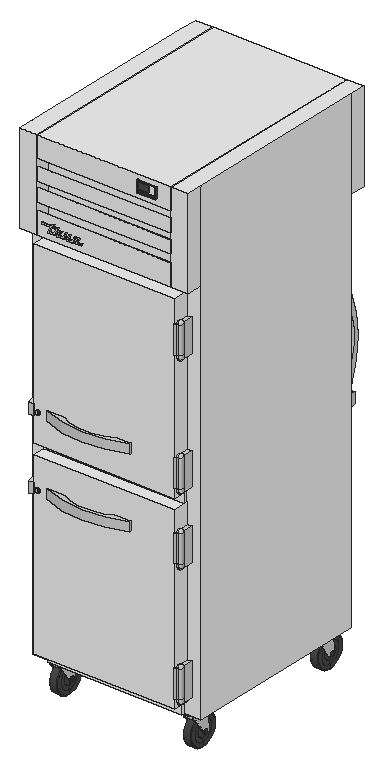
Revit family "QF_TRUE_STR1RPT-2HS-1G-HC", category Specialty Equipment, Revit 2012
Parameters
  Weight in Pounds = 0
  Watts = Volts * FL Amps  # 437 W
  Volts = 115 V
  URL Manufacturer = "www.truemfg.com"
  URL Cutsheet = "www.truemfg.com"
  URL = "www.truemfg.com"
  Type Comments = "www.truemfg.com"
  Status [instance] = ""
  Specification by User [instance] = ""
  Specification by Manufacturer = ""
  Show Seismic Flanged [instance] = no
  Show Logo [instance] = yes
  Show Legs [instance] = no
  Show Clearance [instance] = yes
  Serial Number = ""
  Seismic Rating = ""
  Seismic Plate [instance] = and(Show Seismic Flanged, not(Show Casters))  # no
  SMACNA No = ""
  Revision Code [instance] = ""
  Phase = 1
  Omniclass Number and Title = ""
  Number of Poles [instance] = 1
  NAFEM Spec ID Number = ""
  Model = "STR1RPT-2HS-1G-HC"
  Min Ckt Ampacity = 15 A
  Max Overcurrent Protection = 15 A
  Masterspec = ""
  Manufacturer = "TRUE FOOD SERVICE EQUIPMENT, INC."
  Length = 27 1/2"
  Legs [instance] = or(Show Legs, Show Seismic Flanged)  # no
  Item Number [instance] = ""
  Installed By [instance] = ""
  Identify Quantity as Lot [instance] = yes
  Height = 77 3/4"
  HP = "1/4"
  Furnished By [instance] = ""
  Foodservice Equipment Identifier [instance] = yes
  FL Amps = 3.8 A
  Electrical Remarks [instance] = ""
  Electric Connection Type [instance] = ""
  Elec Conn RI Height [instance] = 0"
  Elec Conn Connection Height [instance] = 0"
  Description = "PASS-THRU SOLID HALF FRONT/GLASS REAR SWING DOORS REFRIGERATOR WITH HYDROCARBON REFRIGERANT"
  Depth = 36 1/8"
  Cycle = 60 Hz
  Conn Plug = "5-15P"
  Conn Conduit = yes
  Show Casters [instance] = if(not(Show Legs), not(Show Seismic Flanged), not(Show Legs))  # yes
  CSI MasterFormat = ""
  CSI Master Format = ""
  Apparent Power = if(Phase = 3, Volts * FL Amps * 1.73, Volts * FL Amps)  # 437 VA
Reference planes (in)
  plane 1: z = 0
  plane 2 "LEFT": x = 0
  plane 3 "RIGHT": x = 27.5
  plane 4 "FRONT": y = -33.375
  plane 5 "TOP": z = 84.125
  plane 6: z = 6.125
  plane 7: y = -33.3292
  plane 8: y = 2.75
  plane 9: y = -56.40625
  plane 10: y = 25.78125
Forms (in)
  Extrusion 1, solid, material "QF_Finishes_Chrome - Satin"
    sketch origin (0.05, 0, 0) x (1, 0, 0) y (0, 1, 0)
      loop
        line (-0.05, 0) -> (-0.05, -30.625) -> (2.80938, -30.625) -> (2.80938, 0) -> (-0.05, 0)
    from 6.125 to 84.125
  Extrusion 2, solid, material "QF_Finishes_Chrome - Satin"
    sketch origin (50.15, 0, 0) x (1, 0, 0) y (0, 1, 0)
      loop
        line (-25.50937, 0) -> (-25.50937, -30.625) -> (-22.65, -30.625) -> (-22.65, 0) -> (-25.50937, 0)
    from 6.125 to 84.125
  Extrusion 3, solid, material "QF_Finishes_Chrome - Satin"
    sketch origin (0, 0, 0) x (0, 1, 0) y (0, 0, 1)
      loop
        line (-33.1875, 69.5) -> (-30.625, 69.5) -> (-30.625, 64.75) -> (0, 64.75) -> (0, 69.5) -> (2.5625, 69.5) -> (2.5625, 73.02638) -> (0.59159, 71.625) -> (0.59159, 72.90057) -> (2.5625, 74.30195) -> (2.5625, 76.39816) -> (0.59159, 74.99678) -> (0.59159, 75.95754) -> (2.5625, 77.35892) -> (2.5625, 79.49263) -> (0.59159, 78.09125) -> (0.59159, 79.21352) -> (2.5625, 80.6149) -> (2.5625, 84.125) -> (-33.1875, 84.125) -> (-33.1875, 80.68002) -> (-31.125, 79.21352) -> (-31.125, 78.09125) -> (-33.1875, 79.55776) -> (-33.1875, 77.42405) -> (-31.125, 75.95754) -> (-31.125, 74.99678) -> (-33.1875, 76.46328) -> (-33.1875, 74.36708) -> (-31.125, 72.90057) -> (-31.125, 71.625) -> (-33.1875, 73.09151) -> (-33.1875, 69.5)
      loop
        line (-31, 6.125) -> (0, 6.125) -> (0, 8.94743) -> (-31, 8.94743) -> (-31, 6.125)
    from 2.85938 to 24.64063
  Extrusion 4, solid, material "QF_Finishes_Chrome - Satin"
    sketch origin (0.10531, 0, 0) x (1, 0, 0) y (0, 1, 0)
      loop
        line (27.34782, -30.625) -> (24.53532, -30.625) -> (24.53532, -33.1875) -> (27.34782, -33.1875) -> (27.34782, -30.625)
    from 69.5 to 84.125
  Extrusion 5, solid, material "QF_Finishes_Chrome - Satin"
    sketch origin (-50.19421, 0, 0.25) x (1, 0, 0) y (0, 1, 0)
      loop
        line (53.05359, -30.625) -> (50.24109, -30.625) -> (50.24109, -33.1875) -> (53.05359, -33.1875) -> (53.05359, -30.625)
    from 69.25 to 83.875
  Extrusion 6, solid, material "QF_Finishes_Handrails and Railings", visible <- "Show Logo"
    sketch origin (0.33478, 1.45673, -6.73143) x (1, 0, 0) y (0, 0, 1)
      loop
        line (3.46044, 78.46231) -> (3.35478, 78.23573) -> (4.76027, 78.23573)
        arc (4.76027, 78.23573) -> (4.78879, 78.18528) -> (4.76027, 78.13484) r 0.05887
        line (4.76027, 78.13484) -> (4.39369, 77.34872)
        arc (4.39369, 77.34872) -> (4.39051, 77.27591) -> (4.43975, 77.22217) r 0.09523
        line (4.43975, 77.22217) -> (5.33844, 77.22217)
        arc (5.33844, 77.22217) -> (5.45192, 77.25795) -> (5.52436, 77.35235) r 0.19785
        line (5.52436, 77.35235) -> (5.81285, 77.97101) -> (6.0779, 77.97101)
        arc (6.0779, 77.97101) -> (6.14744, 77.94543) -> (6.13737, 77.87203) r 0.05911
        line (6.13737, 77.87203) -> (5.89598, 77.35437)
        arc (5.89598, 77.35437) -> (5.89974, 77.2684) -> (5.97231, 77.22217) r 0.09318
        line (5.97231, 77.22217) -> (6.76198, 77.22217)
        arc (6.76198, 77.22217) -> (6.82249, 77.24419) -> (6.85468, 77.29995) r 0.09412
        arc (6.85468, 77.29995) -> (6.87746, 77.24495) -> (6.93246, 77.22217) r 0.07778
        line (6.93246, 77.22217) -> (7.43246, 77.22217)
        arc (7.43246, 77.22217) -> (7.49022, 77.23765) -> (7.53251, 77.27993) r 0.11552
        arc (7.53251, 77.27993) -> (7.55275, 77.23106) -> (7.60162, 77.21081) r 0.06912
        line (7.60162, 77.21081) -> (8.31225, 77.21081)
        arc (8.31225, 77.21081) -> (8.37034, 77.23488) -> (8.39441, 77.29297) r 0.08216
        arc (8.39441, 77.29297) -> (8.44767, 77.23972) -> (8.52042, 77.22022) r 0.14551
        line (8.52042, 77.22022) -> (9.85158, 77.22022) -> (9.99946, 77.47634) -> (8.65678, 77.47634)
        arc (8.65678, 77.47634) -> (8.61972, 77.50204) -> (8.61834, 77.54711) r 0.05009
        line (8.61834, 77.54711) -> (8.64157, 77.59692)
        arc (8.64157, 77.59692) -> (8.67723, 77.64364) -> (8.73327, 77.66135) r 0.09747
        line (8.73327, 77.66135) -> (9.16485, 77.66135)
        arc (9.16485, 77.66135) -> (9.258, 77.68631) -> (9.32619, 77.7545) r 0.1863
        line (9.32619, 77.7545) -> (9.45119, 77.97101)
        arc (9.45119, 77.97101) -> (9.45119, 78.08657) -> (9.35111, 78.14434) r 0.11556
        line (9.35111, 78.14434) -> (8.89562, 78.14434)
        arc (8.89562, 78.14434) -> (8.7795, 78.12462) -> (8.69849, 78.03912) r 0.18605
        line (8.69849, 78.03912) -> (8.48204, 77.57493)
        arc (8.48204, 77.57493) -> (8.41815, 77.49167) -> (8.31806, 77.46011) r 0.1745
        line (8.31806, 77.46011) -> (7.84559, 77.46011)
        arc (7.84559, 77.46011) -> (7.78903, 77.52184) -> (7.79268, 77.60548) r 0.10939
        line (7.79268, 77.60548) -> (8.04395, 78.14434) -> (7.88403, 78.14434) -> (7.61781, 77.57344)
        arc (7.61781, 77.57344) -> (7.56609, 77.50603) -> (7.48505, 77.48048) r 0.14128
        line (7.48505, 77.48048) -> (7.15925, 77.48048)
        arc (7.15925, 77.48048) -> (7.10419, 77.55223) -> (7.116, 77.64189) r 0.11816
        line (7.116, 77.64189) -> (7.3503, 78.14434) -> (7.18514, 78.14434) -> (6.91546, 77.566)
        arc (6.91546, 77.566) -> (6.85285, 77.50339) -> (6.76733, 77.48048) r 0.17104
        line (6.76733, 77.48048) -> (6.29555, 77.48048)
        arc (6.29555, 77.48048) -> (6.21082, 77.51999) -> (6.20267, 77.61313) r 0.0935
        line (6.20267, 77.61313) -> (6.35774, 77.94569) -> (6.57695, 77.94569)
        arc (6.57695, 77.94569) -> (6.61395, 78.05717) -> (6.69267, 78.14434) r 0.2857
        line (6.69267, 78.14434) -> (5.83605, 78.14434)
        arc (5.83605, 78.14434) -> (5.74086, 78.12324) -> (5.67498, 78.05135) r 0.16212
        line (5.67498, 78.05135) -> (5.44279, 77.55341)
        arc (5.44279, 77.55341) -> (5.3894, 77.50002) -> (5.31647, 77.48048) r 0.14586
        line (5.31647, 77.48048) -> (4.80506, 77.48048)
        arc (4.80506, 77.48048) -> (4.76514, 77.53442) -> (4.77274, 77.60109) r 0.09155
        line (4.77274, 77.60109) -> (5.11018, 78.23573) -> (5.96155, 78.23573) -> (6.06721, 78.46231) -> (5.21584, 78.46231) -> (5.32149, 78.68888) -> (5.01862, 78.68888) -> (4.91297, 78.46231) -> (3.46044, 78.46231)
      loop
        arc (8.83805, 77.93863) -> (8.80119, 77.92875) -> (8.7742, 77.90176) r 0.07373
        line (8.7742, 77.90176) -> (8.75229, 77.83436)
        arc (8.75229, 77.83436) -> (8.76245, 77.80983) -> (8.78699, 77.79966) r 0.0347
        line (8.78699, 77.79966) -> (9.15948, 77.79966)
        arc (9.15948, 77.79966) -> (9.18632, 77.80561) -> (9.20812, 77.82234) r 0.0635
        line (9.20812, 77.82234) -> (9.22624, 77.90622)
        arc (9.22624, 77.90622) -> (9.22091, 77.92868) -> (9.20009, 77.93863) r 0.02676
        line (9.20009, 77.93863) -> (8.83805, 77.93863)
    from 34.64423 to 34.83173
  Extrusion 7, solid
    sketch origin (-25.125, 2.6875, 0) x (1, 0, 0) y (0, 0, 1)
      loop
        circle (49.375, 82) r 0.25
    from 0.23221 to 0.125
  Revolve 8, solid, material "QF_Finishes_Black", visible <- "Show Casters"
    sketch origin (22.65625, -27.375, 0) x (1, 0, 0) y (0, 0, 1)
      loop
        line (1.475, 5) -> (1.375, 4.9) -> (1.375, 4.29941) -> (1.53601, 4.29941) -> (1.53601, 3.54941) -> (1.375, 3.54941) -> (1.375, 2.79941) -> (0.975, 2.79941) -> (0.975, 2.5) -> (3.025, 2.5) -> (3.025, 2.79941) -> (2.62908, 2.79941) -> (2.62908, 3.54941) -> (2.46399, 3.54941) -> (2.46399, 4.29941) -> (2.62908, 4.29941) -> (2.62908, 4.89592) -> (2.525, 5) -> (1.475, 5)
      axis (3.025, 2.5) -> (0.975, 2.5)
    angle from 0 to 360
  Extrusion 9, solid, material "QF_Finishes_Handrails and Railings", visible <- "Show Casters"
    sketch origin (22.65625, 0, 0) x (0, 1, 0) y (0, 0, 1)
      loop
        line (-29.57636, 5.48574) -> (-29.57636, 4.88089) -> (-29.32636, 4.88089) -> (-27.57716, 2.18736)
        arc (-27.57716, 2.18736) -> (-26.86383, 1.94868) -> (-26.47081, 2.59003) r 0.60416
        line (-26.47081, 2.59003) -> (-26.82636, 5.48574) -> (-29.57636, 5.48574)
      loop
        line (-4.07645, 5.48574) -> (-4.07645, 4.88089) -> (-3.82645, 4.88089) -> (-2.07725, 2.18736)
        arc (-2.07725, 2.18736) -> (-1.36392, 1.94868) -> (-0.9709, 2.59003) r 0.60416
        line (-0.9709, 2.59003) -> (-1.32645, 5.48574) -> (-4.07645, 5.48574)
    from 1.175 to 1.325
  Extrusion 10, solid, material "QF_Finishes_Handrails and Railings", visible <- "Show Casters"
    sketch origin (24.15625, 0, 0) x (0, 1, 0) y (0, 0, 1)
      loop
        line (-29.57636, 5.48574) -> (-29.57636, 4.88089) -> (-29.32636, 4.88089) -> (-27.57716, 2.18736)
        arc (-27.57716, 2.18736) -> (-26.86383, 1.94868) -> (-26.47081, 2.59003) r 0.60416
        line (-26.47081, 2.59003) -> (-26.82636, 5.48574) -> (-29.57636, 5.48574)
      loop
        line (-4.07645, 5.48574) -> (-4.07645, 4.88089) -> (-3.82645, 4.88089) -> (-2.07725, 2.18736)
        arc (-2.07725, 2.18736) -> (-1.36392, 1.94868) -> (-0.9709, 2.59003) r 0.60416
        line (-0.9709, 2.59003) -> (-1.32645, 5.48574) -> (-4.07645, 5.48574)
    from 1.175 to 1.325
  Revolve 11, solid, material "QF_Finishes_Chrome - Satin", visible <- "Show Casters"
    sketch origin (22.65625, -28.5625, -0.5) x (1, 0, 0) y (0, 0, 1)
      loop
        line (2, 5.99546) -> (2, 6.62359) -> (0.70293, 6.62359) -> (0.70293, 5.99546) -> (2, 5.99546)
      axis (2, 5.99546) -> (2, 6.62359)
    angle from 0 to 360
  Revolve 12, solid, material "QF_Finishes_Chrome - Satin", visible <- "Legs"
    sketch origin (22.65625, -2.69102, 0) x (1, 0, 0) y (0, 0, 1)
      loop
        line (2, 6.125) -> (0.66662, 6.125) -> (1.25, 1) -> (1.5, 1) -> (1.5, 0) -> (2, 0) -> (2, 6.125)
      axis (2, 0) -> (2, 6.125)
    angle from 0 to 360
  Revolve 13, solid, material "QF_Finishes_Chrome - Satin", visible <- "Legs"
    sketch origin (22.65625, -28.65977, 0) x (1, 0, 0) y (0, 0, 1)
      loop
        line (2, 6.125) -> (0.66662, 6.125) -> (1.25, 1) -> (1.5, 1) -> (1.5, 0) -> (2, 0) -> (2, 6.125)
      axis (2, 0) -> (2, 6.125)
    angle from 0 to 360
  Revolve 14, solid, material "QF_Finishes_Chrome - Satin", visible <- "Show Casters"
    sketch origin (22.65625, -2.70321, -0.5) x (1, 0, 0) y (0, 0, 1)
      loop
        line (2, 5.99546) -> (2, 6.62359) -> (0.70293, 6.62359) -> (0.70293, 5.99546) -> (2, 5.99546)
      axis (2, 5.99546) -> (2, 6.62359)
    angle from 0 to 360
  Extrusion 15, solid, material "QF_Finishes_Handrails and Railings", visible <- "Show Casters"
    sketch origin (-25.125, 0, 0) x (0, 1, 0) y (0, 0, 1)
      loop
        line (-29.57636, 5.48574) -> (-29.57636, 4.88089) -> (-29.32636, 4.88089) -> (-26.79033, 5.19227) -> (-26.82636, 5.48574) -> (-29.57636, 5.48574)
      loop
        line (-4.07645, 5.48574) -> (-4.07645, 4.88089) -> (-3.82645, 4.88089) -> (-1.29042, 5.19227) -> (-1.32645, 5.48574) -> (-4.07645, 5.48574)
    from 49.10625 to 50.45625
  Revolve 16, solid, material "QF_Finishes_Black", visible <- "Show Casters"
    sketch origin (0.84375, -27.375, 0) x (1, 0, 0) y (0, 0, 1)
      loop
        line (1.475, 5) -> (1.375, 4.9) -> (1.375, 4.29941) -> (1.53601, 4.29941) -> (1.53601, 3.54941) -> (1.375, 3.54941) -> (1.375, 2.79941) -> (0.975, 2.79941) -> (0.975, 2.5) -> (3.025, 2.5) -> (3.025, 2.79941) -> (2.62908, 2.79941) -> (2.62908, 3.54941) -> (2.46399, 3.54941) -> (2.46399, 4.29941) -> (2.62908, 4.29941) -> (2.62908, 4.89592) -> (2.525, 5) -> (1.475, 5)
      axis (3.025, 2.5) -> (0.975, 2.5)
    angle from 0 to 360
  Extrusion 17, solid, material "QF_Finishes_Handrails and Railings", visible <- "Show Casters"
    sketch origin (0.84375, 0, 0) x (0, 1, 0) y (0, 0, 1)
      loop
        line (-29.57636, 5.48574) -> (-29.57636, 4.88089) -> (-29.32636, 4.88089) -> (-27.57716, 2.18736)
        arc (-27.57716, 2.18736) -> (-26.86383, 1.94868) -> (-26.47081, 2.59003) r 0.60416
        line (-26.47081, 2.59003) -> (-26.82636, 5.48574) -> (-29.57636, 5.48574)
      loop
        line (-4.07645, 5.48574) -> (-4.07645, 4.88089) -> (-3.82645, 4.88089) -> (-2.07725, 2.18736)
        arc (-2.07725, 2.18736) -> (-1.36392, 1.94868) -> (-0.9709, 2.59003) r 0.60416
        line (-0.9709, 2.59003) -> (-1.32645, 5.48574) -> (-4.07645, 5.48574)
    from 1.175 to 1.325
  Extrusion 18, solid, material "QF_Finishes_Handrails and Railings", visible <- "Show Casters"
    sketch origin (2.34375, 0, 0) x (0, 1, 0) y (0, 0, 1)
      loop
        line (-29.57636, 5.48574) -> (-29.57636, 4.88089) -> (-29.32636, 4.88089) -> (-27.57716, 2.18736)
        arc (-27.57716, 2.18736) -> (-26.86383, 1.94868) -> (-26.47081, 2.59003) r 0.60416
        line (-26.47081, 2.59003) -> (-26.82636, 5.48574) -> (-29.57636, 5.48574)
      loop
        line (-4.07645, 5.48574) -> (-4.07645, 4.88089) -> (-3.82645, 4.88089) -> (-2.07725, 2.18736)
        arc (-2.07725, 2.18736) -> (-1.36392, 1.94868) -> (-0.9709, 2.59003) r 0.60416
        line (-0.9709, 2.59003) -> (-1.32645, 5.48574) -> (-4.07645, 5.48574)
    from 1.175 to 1.325
  Revolve 19, solid, material "QF_Finishes_Chrome - Satin", visible <- "Show Casters"
    sketch origin (0.84375, -28.5625, -0.5) x (1, 0, 0) y (0, 0, 1)
      loop
        line (2, 5.99546) -> (2, 6.62359) -> (0.70293, 6.62359) -> (0.70293, 5.99546) -> (2, 5.99546)
      axis (2, 5.99546) -> (2, 6.62359)
    angle from 0 to 360
  Revolve 20, solid, material "QF_Finishes_Chrome - Satin", visible <- "Legs"
    sketch origin (0.84375, -2.69102, 0) x (1, 0, 0) y (0, 0, 1)
      loop
        line (2, 6.125) -> (0.66662, 6.125) -> (1.25, 1) -> (1.5, 1) -> (1.5, 0) -> (2, 0) -> (2, 6.125)
      axis (2, 0) -> (2, 6.125)
    angle from 0 to 360
  Revolve 21, solid, material "QF_Finishes_Chrome - Satin", visible <- "Legs"
    sketch origin (0.84375, -28.65977, 0) x (1, 0, 0) y (0, 0, 1)
      loop
        line (2, 6.125) -> (0.66662, 6.125) -> (1.25, 1) -> (1.5, 1) -> (1.5, 0) -> (2, 0) -> (2, 6.125)
      axis (2, 0) -> (2, 6.125)
    angle from 0 to 360
  Revolve 22, solid, material "QF_Finishes_Chrome - Satin", visible <- "Show Casters"
    sketch origin (0.84375, -2.70321, -0.5) x (1, 0, 0) y (0, 0, 1)
      loop
        line (2, 5.99546) -> (2, 6.62359) -> (0.70293, 6.62359) -> (0.70293, 5.99546) -> (2, 5.99546)
      axis (2, 5.99546) -> (2, 6.62359)
    angle from 0 to 360
  Extrusion 23, solid, material "QF_Finishes_Handrails and Railings", visible <- "Show Casters"
    sketch origin (-46.9375, 0, 0) x (0, 1, 0) y (0, 0, 1)
      loop
        line (-29.57636, 5.48574) -> (-29.57636, 4.88089) -> (-29.32636, 4.88089) -> (-26.79033, 5.19227) -> (-26.82636, 5.48574) -> (-29.57636, 5.48574)
      loop
        line (-4.07645, 5.48574) -> (-4.07645, 4.88089) -> (-3.82645, 4.88089) -> (-1.29042, 5.19227) -> (-1.32645, 5.48574) -> (-4.07645, 5.48574)
    from 49.10625 to 50.45625
  Extrusion 24, solid, material "QF_Finishes_Chrome - Satin"
    sketch origin (-25.125, -31.3292, -0.71875) x (1, 0, 0) y (0, 0, -1)
      loop
        line (27.40625, -68.6875) -> (50.34375, -68.6875) -> (50.34375, -8.75) -> (27.40625, -8.75) -> (27.40625, -68.6875)
      loop
        line (30.75, -12.09375) -> (30.75, -65.34375) -> (47, -65.34375) -> (47, -12.09375) -> (30.75, -12.09375)
    from 31.3292 to 33.8917
  Extrusion 25, solid, material "Glass"
    sketch origin (-25.125, -31.3292, -0.71875) x (1, 0, 0) y (0, 0, -1)
      loop
        line (47, -12.09375) -> (30.75, -12.09375) -> (30.75, -65.34375) -> (47, -65.34375) -> (47, -12.09375)
    from 31.3292 to 33.8917
  Extrusion 26, solid, material "QF_Finishes_Chrome - Satin"
    sketch origin (0.10531, -31.3292, 0) x (1, 0, 0) y (0, 1, 0)
      loop
        line (27.34782, 31.3292) -> (27.34782, 33.8917) -> (24.53532, 33.8917) -> (24.53532, 31.3292) -> (27.34782, 31.3292)
    from 69.5 to 84.125
  Extrusion 27, solid, material "QF_Finishes_Chrome - Satin"
    sketch origin (-50.19421, -31.3292, 0.25) x (1, 0, 0) y (0, 1, 0)
      loop
        line (53.05359, 31.3292) -> (53.05359, 33.8917) -> (50.24109, 33.8917) -> (50.24109, 31.3292) -> (53.05359, 31.3292)
    from 69.25 to 83.875
  Extrusion 28, solid, material "QF_Finishes_Handrails and Railings"
    sketch origin (1.28125, -31.48479, 0) x (0, -1, 0) y (0, 0, -1)
      loop
        line (-31.48479, -64.55229) -> (-31.48479, -59.23627) -> (-33.625, -59.23627) -> (-33.625, -59.94848) -> (-33.18997, -59.94848) -> (-33.18997, -64.34776)
        arc (-33.18997, -64.34776) -> (-33.13006, -64.49238) -> (-32.98544, -64.55229) r 0.20453
        line (-32.98544, -64.55229) -> (-31.48479, -64.55229)
    from 0.17506 to 1
  Revolve 29, solid, material "QF_Finishes_Handrails and Railings"
    sketch origin (1.78125, -31.48479, 0) x (0, -1, 0) y (0, 0, -1)
      loop
        line (-33.64063, -60.00189) -> (-34.04729, -60.00189) -> (-34.04729, -64.4736)
        arc (-34.04729, -64.4736) -> (-33.91222, -64.72557) -> (-33.64063, -64.81483) r 0.3848
        line (-33.64063, -64.81483) -> (-33.64063, -60.00189)
      loop
        line (-33.64063, -59.94848) -> (-33.64063, -59.04781)
        arc (-33.64063, -59.04781) -> (-33.90764, -59.13383) -> (-34.04729, -59.37712) r 0.38884
        line (-34.04729, -59.37712) -> (-34.04729, -59.94848) -> (-33.64063, -59.94848)
      axis (-33.64063, -59.04781) -> (-33.64063, -64.81483)
    angle from 0 to 360
  Extrusion 30, solid, material "QF_Finishes_Handrails and Railings"
    sketch origin (-0.03125, -31.48479, 0) x (1, 0, 0) y (0, 0, -1)
      loop
        line (1.91491, -64.4736) -> (2.3125, -64.4736) -> (2.3125, -60.00079) -> (1.91491, -60.00079) -> (1.91491, -64.4736)
    from 33.18997 to 33.98479
  Extrusion 31, solid, material "QF_Finishes_Handrails and Railings"
    sketch origin (1.28125, -31.48479, -19.5) x (0, -1, 0) y (0, 0, -1)
      loop
        line (-31.48479, -64.55229) -> (-31.48479, -59.23627) -> (-33.625, -59.23627) -> (-33.625, -59.94848) -> (-33.18997, -59.94848) -> (-33.18997, -64.34776)
        arc (-33.18997, -64.34776) -> (-33.13006, -64.49238) -> (-32.98544, -64.55229) r 0.20453
        line (-32.98544, -64.55229) -> (-31.48479, -64.55229)
    from 0.17506 to 1
  Revolve 32, solid, material "QF_Finishes_Handrails and Railings"
    sketch origin (1.78125, -31.48479, -19.5) x (0, -1, 0) y (0, 0, -1)
      loop
        line (-33.64063, -60.00189) -> (-34.04729, -60.00189) -> (-34.04729, -64.4736)
        arc (-34.04729, -64.4736) -> (-33.91222, -64.72557) -> (-33.64063, -64.81483) r 0.3848
        line (-33.64063, -64.81483) -> (-33.64063, -60.00189)
      loop
        line (-33.64063, -59.94848) -> (-33.64063, -59.04781)
        arc (-33.64063, -59.04781) -> (-33.90764, -59.13383) -> (-34.04729, -59.37712) r 0.38884
        line (-34.04729, -59.37712) -> (-34.04729, -59.94848) -> (-33.64063, -59.94848)
      axis (-33.64063, -59.04781) -> (-33.64063, -64.81483)
    angle from 0 to 360
  Extrusion 33, solid, material "QF_Finishes_Handrails and Railings"
    sketch origin (-0.03125, -31.48479, -19.5) x (1, 0, 0) y (0, 0, -1)
      loop
        line (1.91491, -64.4736) -> (2.3125, -64.4736) -> (2.3125, -60.00079) -> (1.91491, -60.00079) -> (1.91491, -64.4736)
    from 33.18997 to 33.98479
  Extrusion 34, solid, material "QF_Finishes_Handrails and Railings"
    sketch origin (1.28125, -31.48479, -30.5) x (0, -1, 0) y (0, 0, -1)
      loop
        line (-31.48479, -64.55229) -> (-31.48479, -59.23627) -> (-33.625, -59.23627) -> (-33.625, -59.94848) -> (-33.18997, -59.94848) -> (-33.18997, -64.34776)
        arc (-33.18997, -64.34776) -> (-33.13006, -64.49238) -> (-32.98544, -64.55229) r 0.20453
        line (-32.98544, -64.55229) -> (-31.48479, -64.55229)
    from 0.17506 to 1
  Revolve 35, solid, material "QF_Finishes_Handrails and Railings"
    sketch origin (1.78125, -31.48479, -30.5) x (0, -1, 0) y (0, 0, -1)
      loop
        line (-33.64063, -60.00189) -> (-34.04729, -60.00189) -> (-34.04729, -64.4736)
        arc (-34.04729, -64.4736) -> (-33.91222, -64.72557) -> (-33.64063, -64.81483) r 0.3848
        line (-33.64063, -64.81483) -> (-33.64063, -60.00189)
      loop
        line (-33.64063, -59.94848) -> (-33.64063, -59.04781)
        arc (-33.64063, -59.04781) -> (-33.90764, -59.13383) -> (-34.04729, -59.37712) r 0.38884
        line (-34.04729, -59.37712) -> (-34.04729, -59.94848) -> (-33.64063, -59.94848)
      axis (-33.64063, -59.04781) -> (-33.64063, -64.81483)
    angle from 0 to 360
  Extrusion 36, solid, material "QF_Finishes_Handrails and Railings"
    sketch origin (-0.03125, -31.48479, -30.5) x (1, 0, 0) y (0, 0, -1)
      loop
        line (1.91491, -64.4736) -> (2.3125, -64.4736) -> (2.3125, -60.00079) -> (1.91491, -60.00079) -> (1.91491, -64.4736)
    from 33.18997 to 33.98479
  Extrusion 37, solid, material "QF_Finishes_Handrails and Railings"
    sketch origin (1.28125, -31.48479, -50.25) x (0, -1, 0) y (0, 0, -1)
      loop
        line (-31.48479, -64.55229) -> (-31.48479, -59.19743) -> (-33.625, -59.19743) -> (-33.625, -59.94848) -> (-33.18997, -59.94848) -> (-33.18997, -64.34776)
        arc (-33.18997, -64.34776) -> (-33.13006, -64.49238) -> (-32.98544, -64.55229) r 0.20453
        line (-32.98544, -64.55229) -> (-31.48479, -64.55229)
    from 0.17506 to 1
  Revolve 38, solid, material "QF_Finishes_Handrails and Railings"
    sketch origin (1.78125, -31.48479, -50.25) x (0, -1, 0) y (0, 0, -1)
      loop
        line (-33.64063, -60.00189) -> (-34.04729, -60.00189) -> (-34.04729, -64.4736)
        arc (-34.04729, -64.4736) -> (-33.91222, -64.72557) -> (-33.64063, -64.81483) r 0.3848
        line (-33.64063, -64.81483) -> (-33.64063, -60.00189)
      loop
        line (-33.64063, -59.94848) -> (-33.64063, -59.04781)
        arc (-33.64063, -59.04781) -> (-33.90764, -59.13383) -> (-34.04729, -59.37712) r 0.38884
        line (-34.04729, -59.37712) -> (-34.04729, -59.94848) -> (-33.64063, -59.94848)
      axis (-33.64063, -59.04781) -> (-33.64063, -64.81483)
    angle from 0 to 360
  Extrusion 39, solid, material "QF_Finishes_Handrails and Railings"
    sketch origin (-0.03125, -31.48479, -50.25) x (1, 0, 0) y (0, 0, -1)
      loop
        line (1.91491, -64.4736) -> (2.3125, -64.4736) -> (2.3125, -60.00079) -> (1.91491, -60.00079) -> (1.91491, -64.4736)
    from 33.18997 to 33.98479
  Extrusion 40, solid, material "QF_Finishes_Handrails and Railings"
    sketch origin (36.03356, -31.30033, 93.525) x (0, -1, 0) y (0, 0, 1)
      loop
        line (-33.86283, -54.15) -> (-33.86283, -51.7715)
        arc (-33.86283, -51.7715) -> (-35.06679, -47.2125) -> (-33.86283, -42.6535) r 9.2337
        line (-33.86283, -42.6535) -> (-33.86283, -40.275) -> (-34.075, -40.275)
        arc (-34.075, -40.275) -> (-35.51908, -47.2125) -> (-34.075, -54.15) r 17.38623
        line (-34.075, -54.15) -> (-33.86283, -54.15)
    from 10.87731 to 12.37731
  Extrusion 41, solid, material "QF_Finishes_Handrails and Railings"
    sketch origin (50.84375, -31.48479, -2.0625) x (-1, 0, 0) y (0, 0, 1)
      loop
        circle (26.4375, 40.0625) r 0.35
      loop
        line (26.47265, 40.33635) -> (26.41715, 40.33635) -> (26.41715, 39.76895) -> (26.47265, 39.76895) -> (26.47265, 40.33635)
    from 34.04729 to 34.10979
  Blend 42, solid, material "QF_Finishes_Handrails and Railings"
    base sketch origin (-0.03125, -31.48479, -0.0625) x (1, 0, 0) y (0, 0, -1)
      loop
        line (25.25, -38.99169) -> (26, -38.99169) -> (26, -37.24169) -> (25.25, -37.24169) -> (25.25, -38.99169)
    top sketch origin (-0.03125, -31.48479, -0.0625) x (1, 0, 0) y (0, 0, -1)
      loop
        line (26.18223, -36.6441) -> (25.25, -36.6441) -> (25.25, -39.42643) -> (26.18223, -39.42643) -> (26.18223, -36.6441)
    from 34.04729 to 31.48479
  Extrusion 43, solid, material "QF_Finishes_Chrome - Satin"
    sketch origin (-25.125, 0.375, -0.8125) x (1, 0, 0) y (0, 0, 1)
      loop
        line (27.40625, 68.78125) -> (27.40625, 39.65625) -> (50.34375, 39.65625) -> (50.34375, 68.78125) -> (27.40625, 68.78125)
      loop
        line (27.40625, 8.84375) -> (50.34375, 8.84375) -> (50.34375, 37.96875) -> (27.40625, 37.96875) -> (27.40625, 8.84375)
    from 31 to 33.5625
  Extrusion 44, solid, material "QF_Finishes_Handrails and Railings"
    sketch origin (26.21875, 0.10979, -0.09375) x (0, 1, 0) y (0, 0, -1)
      loop
        line (-30.73479, -64.55229) -> (-30.73479, -59.23627) -> (-32.875, -59.23627) -> (-32.875, -59.94848) -> (-32.43997, -59.94848) -> (-32.43997, -64.34776)
        arc (-32.43997, -64.34776) -> (-32.38006, -64.49238) -> (-32.23544, -64.55229) r 0.20453
        line (-32.23544, -64.55229) -> (-30.73479, -64.55229)
    from 0.17506 to 1
  Revolve 45, solid, material "QF_Finishes_Handrails and Railings"
    sketch origin (25.71875, 0.29729, -0.09375) x (0, 1, 0) y (0, 0, -1)
      loop
        line (-32.89063, -60.00189) -> (-33.29729, -60.00189) -> (-33.29729, -64.4736)
        arc (-33.29729, -64.4736) -> (-33.16222, -64.72557) -> (-32.89063, -64.81483) r 0.3848
        line (-32.89063, -64.81483) -> (-32.89063, -60.00189)
      loop
        line (-32.89063, -59.94848) -> (-32.89063, -59.04781)
        arc (-32.89063, -59.04781) -> (-33.15764, -59.13383) -> (-33.29729, -59.37712) r 0.38884
        line (-33.29729, -59.37712) -> (-33.29729, -59.94848) -> (-32.89063, -59.94848)
      axis (-32.89063, -59.04781) -> (-32.89063, -64.81483)
    angle from 0 to 360
  Extrusion 46, solid, material "QF_Finishes_Handrails and Railings"
    sketch origin (27.53125, 0.29729, -0.09375) x (-1, 0, 0) y (0, 0, -1)
      loop
        line (1.91491, -64.4736) -> (2.3125, -64.4736) -> (2.3125, -60.00079) -> (1.91491, -60.00079) -> (1.91491, -64.4736)
    from 32.81497 to 33.59495
  Extrusion 47, solid, material "QF_Finishes_Handrails and Railings"
    sketch origin (26.21875, 0.10979, -19.59375) x (0, 1, 0) y (0, 0, -1)
      loop
        line (-30.73479, -64.55229) -> (-30.73479, -59.23627) -> (-32.875, -59.23627) -> (-32.875, -59.94848) -> (-32.43997, -59.94848) -> (-32.43997, -64.34776)
        arc (-32.43997, -64.34776) -> (-32.38006, -64.49238) -> (-32.23544, -64.55229) r 0.20453
        line (-32.23544, -64.55229) -> (-30.73479, -64.55229)
    from 0.17506 to 1
  Revolve 48, solid, material "QF_Finishes_Handrails and Railings"
    sketch origin (25.71875, 0.29729, -19.59375) x (0, 1, 0) y (0, 0, -1)
      loop
        line (-32.89063, -60.00189) -> (-33.29729, -60.00189) -> (-33.29729, -64.4736)
        arc (-33.29729, -64.4736) -> (-33.16222, -64.72557) -> (-32.89063, -64.81483) r 0.3848
        line (-32.89063, -64.81483) -> (-32.89063, -60.00189)
      loop
        line (-32.89063, -59.94848) -> (-32.89063, -59.04781)
        arc (-32.89063, -59.04781) -> (-33.15764, -59.13383) -> (-33.29729, -59.37712) r 0.38884
        line (-33.29729, -59.37712) -> (-33.29729, -59.94848) -> (-32.89063, -59.94848)
      axis (-32.89063, -59.04781) -> (-32.89063, -64.81483)
    angle from 0 to 360
  Extrusion 49, solid, material "QF_Finishes_Handrails and Railings"
    sketch origin (27.53125, 0.29729, -19.59375) x (-1, 0, 0) y (0, 0, -1)
      loop
        line (1.91491, -64.4736) -> (2.3125, -64.4736) -> (2.3125, -60.00079) -> (1.91491, -60.00079) -> (1.91491, -64.4736)
    from 32.81497 to 33.59495
  Extrusion 50, solid, material "QF_Finishes_Handrails and Railings"
    sketch origin (26.21875, 0.10979, -30.59375) x (0, 1, 0) y (0, 0, -1)
      loop
        line (-30.73479, -64.55229) -> (-30.73479, -59.23627) -> (-32.875, -59.23627) -> (-32.875, -59.94848) -> (-32.43997, -59.94848) -> (-32.43997, -64.34776)
        arc (-32.43997, -64.34776) -> (-32.38006, -64.49238) -> (-32.23544, -64.55229) r 0.20453
        line (-32.23544, -64.55229) -> (-30.73479, -64.55229)
    from 0.17506 to 1
  Revolve 51, solid, material "QF_Finishes_Handrails and Railings"
    sketch origin (25.71875, 0.29729, -30.59375) x (0, 1, 0) y (0, 0, -1)
      loop
        line (-32.89063, -60.00189) -> (-33.29729, -60.00189) -> (-33.29729, -64.4736)
        arc (-33.29729, -64.4736) -> (-33.16222, -64.72557) -> (-32.89063, -64.81483) r 0.3848
        line (-32.89063, -64.81483) -> (-32.89063, -60.00189)
      loop
        line (-32.89063, -59.94848) -> (-32.89063, -59.04781)
        arc (-32.89063, -59.04781) -> (-33.15764, -59.13383) -> (-33.29729, -59.37712) r 0.38884
        line (-33.29729, -59.37712) -> (-33.29729, -59.94848) -> (-32.89063, -59.94848)
      axis (-32.89063, -59.04781) -> (-32.89063, -64.81483)
    angle from 0 to 360
  Extrusion 52, solid, material "QF_Finishes_Handrails and Railings"
    sketch origin (27.53125, 0.29729, -30.59375) x (-1, 0, 0) y (0, 0, -1)
      loop
        line (1.91491, -64.4736) -> (2.3125, -64.4736) -> (2.3125, -60.00079) -> (1.91491, -60.00079) -> (1.91491, -64.4736)
    from 32.81497 to 33.59495
  Extrusion 53, solid, material "QF_Finishes_Handrails and Railings"
    sketch origin (26.21875, 0.10979, -50.34375) x (0, 1, 0) y (0, 0, -1)
      loop
        line (-30.73479, -64.55229) -> (-30.73479, -59.23627) -> (-32.875, -59.23627) -> (-32.875, -59.94848) -> (-32.43997, -59.94848) -> (-32.43997, -64.34776)
        arc (-32.43997, -64.34776) -> (-32.38006, -64.49238) -> (-32.23544, -64.55229) r 0.20453
        line (-32.23544, -64.55229) -> (-30.73479, -64.55229)
    from 0.17506 to 1
  Revolve 54, solid, material "QF_Finishes_Handrails and Railings"
    sketch origin (25.71875, 0.29729, -50.34375) x (0, 1, 0) y (0, 0, -1)
      loop
        line (-32.89063, -60.00189) -> (-33.29729, -60.00189) -> (-33.29729, -64.4736)
        arc (-33.29729, -64.4736) -> (-33.16222, -64.72557) -> (-32.89063, -64.81483) r 0.3848
        line (-32.89063, -64.81483) -> (-32.89063, -60.00189)
      loop
        line (-32.89063, -59.94848) -> (-32.89063, -59.04781)
        arc (-32.89063, -59.04781) -> (-33.15764, -59.13383) -> (-33.29729, -59.37712) r 0.38884
        line (-33.29729, -59.37712) -> (-33.29729, -59.94848) -> (-32.89063, -59.94848)
      axis (-32.89063, -59.04781) -> (-32.89063, -64.81483)
    angle from 0 to 360
  Extrusion 55, solid, material "QF_Finishes_Handrails and Railings"
    sketch origin (27.53125, 0.29729, -50.34375) x (-1, 0, 0) y (0, 0, -1)
      loop
        line (1.91491, -64.4736) -> (2.3125, -64.4736) -> (2.3125, -60.00079) -> (1.91491, -60.00079) -> (1.91491, -64.4736)
    from 32.81497 to 33.59495
  Extrusion 56, solid, material "QF_Finishes_Handrails and Railings"
    sketch origin (-23.34375, 0.29729, 72.375) x (1, 0, 0) y (0, 0, 1)
      loop
        circle (26.4375, -40.0625) r 0.35
      loop
        line (26.47265, -40.33635) -> (26.47265, -39.76895) -> (26.41715, -39.76895) -> (26.41715, -40.33635) -> (26.47265, -40.33635)
    from 33.67229 to 33.73479
  Blend 57, solid, material "QF_Finishes_Handrails and Railings"
    base sketch origin (27.53125, 0.48479, 70.375) x (-1, 0, 0) y (0, 0, -1)
      loop
        line (25.25, 38.99169) -> (25.25, 37.24169) -> (26, 37.24169) -> (26, 38.99169) -> (25.25, 38.99169)
    top sketch origin (27.53125, 0.48479, 70.375) x (-1, 0, 0) y (0, 0, -1)
      loop
        line (26.18223, 36.6441) -> (26.18223, 39.42643) -> (25.25, 39.42643) -> (25.25, 36.6441) -> (26.18223, 36.6441)
    from 33.67229 to 31.10979
  Extrusion 58, solid, material "QF_Finishes_Handrails and Railings"
    sketch origin (58.4375, -0.0747, 20.68519) x (1, 0, 0) y (0, 1, 0)
      loop
        line (-53.875, -33.1128) -> (-53.875, -33.325)
        arc (-53.875, -33.325) -> (-47.075, -34.76905) -> (-40.275, -33.325) r 16.7325
        line (-40.275, -33.325) -> (-40.275, -33.1128) -> (-42.65351, -33.1128)
        arc (-42.65351, -33.1128) -> (-47.075, -34.28316) -> (-51.49649, -33.1128) r 8.93715
        line (-51.49649, -33.1128) -> (-53.875, -33.1128)
    from 10.87731 to 12.37731
  Extrusion 59, solid, material "QF_Finishes_Chrome - Satin"
    sketch origin (0, 0.1875, -0.46875) x (1, 0, 0) y (0, 0, 1)
      loop
        line (2.28125, 39.3125) -> (2.28125, 37.625) -> (25.21875, 37.625) -> (25.21875, 39.3125) -> (2.28125, 39.3125)
    from 31 to 31.25
  Extrusion 60, solid, material "QF_Finishes_White"
    sketch origin (-23.16691, 1.43876, 1.58022) x (1, 0, 0) y (0, 0, 1)
      loop
        line (42.50482, 81.73227) -> (42.50482, 79.98496) -> (45.41107, 79.98496) -> (45.41107, 81.73227) -> (42.50482, 81.73227)
    from 34.62626 to 34.72001
  Extrusion 61, solid, material "QF_Finishes_Black"
    sketch origin (-23.16691, 1.43876, 1.58022) x (1, 0, 0) y (0, 0, 1)
      loop
        line (45.47357, 81.79477) -> (42.44232, 81.79477) -> (42.44232, 79.92246) -> (45.47357, 79.92246) -> (45.47357, 81.79477)
      loop
        spline (42.64232, 80.25372) -> (42.65083, 80.23754) -> (42.67581, 80.22247) -> (42.71554, 80.20952) -> (42.76732, 80.19959) -> (42.82761, 80.19335) -> (42.89232, 80.19122) -> (42.95702, 80.19335) -> (43.01732, 80.19959) -> (43.06909, 80.20952) -> (43.10882, 80.22247) -> (43.1338, 80.23754) -> (43.14232, 80.25372)
        spline (43.14232, 80.25372) -> (43.1338, 80.26989) -> (43.10882, 80.28497) -> (43.06909, 80.29791) -> (43.01732, 80.30784) -> (42.95702, 80.31409) -> (42.89232, 80.31622) -> (42.82761, 80.31409) -> (42.76732, 80.30784) -> (42.71554, 80.29791) -> (42.67581, 80.28497) -> (42.65083, 80.26989) -> (42.64232, 80.25372)
      loop
        spline (43.33833, 80.25372) -> (43.34685, 80.23754) -> (43.37182, 80.22247) -> (43.41155, 80.20952) -> (43.46333, 80.19959) -> (43.52362, 80.19335) -> (43.58833, 80.19122) -> (43.65303, 80.19335) -> (43.71333, 80.19959) -> (43.76511, 80.20952) -> (43.80484, 80.22247) -> (43.82981, 80.23754) -> (43.83833, 80.25372)
        spline (43.83833, 80.25372) -> (43.82981, 80.26989) -> (43.80484, 80.28497) -> (43.76511, 80.29791) -> (43.71333, 80.30784) -> (43.65303, 80.31409) -> (43.58833, 80.31622) -> (43.52362, 80.31409) -> (43.46333, 80.30784) -> (43.41155, 80.29791) -> (43.37182, 80.28497) -> (43.34685, 80.26989) -> (43.33833, 80.25372)
      loop
        spline (44.08833, 80.25372) -> (44.09685, 80.23754) -> (44.12182, 80.22247) -> (44.16155, 80.20952) -> (44.21333, 80.19959) -> (44.27362, 80.19335) -> (44.33833, 80.19122) -> (44.40303, 80.19335) -> (44.46333, 80.19959) -> (44.51511, 80.20952) -> (44.55484, 80.22247) -> (44.57981, 80.23754) -> (44.58833, 80.25372)
        spline (44.58833, 80.25372) -> (44.57981, 80.26989) -> (44.55484, 80.28497) -> (44.51511, 80.29791) -> (44.46333, 80.30784) -> (44.40303, 80.31409) -> (44.33833, 80.31622) -> (44.27362, 80.31409) -> (44.21333, 80.30784) -> (44.16155, 80.29791) -> (44.12182, 80.28497) -> (44.09685, 80.26989) -> (44.08833, 80.25372)
      loop
        line (42.64231, 81.59478) -> (42.64231, 80.59478) -> (44.34183, 80.59478) -> (44.34183, 81.59478) -> (42.64231, 81.59478)
      loop
        line (45.41107, 81.73227) -> (42.50482, 81.73227) -> (42.50482, 79.98496) -> (45.41107, 79.98496) -> (45.41107, 81.73227)
      loop
        spline (44.83833, 80.25372) -> (44.84685, 80.23754) -> (44.87182, 80.22247) -> (44.91155, 80.20952) -> (44.96333, 80.19959) -> (45.02362, 80.19335) -> (45.08833, 80.19122) -> (45.15303, 80.19335) -> (45.21333, 80.19959) -> (45.26511, 80.20952) -> (45.30484, 80.22247) -> (45.32981, 80.23754) -> (45.33833, 80.25372)
        spline (45.33833, 80.25372) -> (45.32981, 80.26989) -> (45.30484, 80.28497) -> (45.26511, 80.29791) -> (45.21333, 80.30784) -> (45.15303, 80.31409) -> (45.08833, 80.31622) -> (45.02362, 80.31409) -> (44.96333, 80.30784) -> (44.91155, 80.29791) -> (44.87182, 80.28497) -> (44.84685, 80.26989) -> (44.83833, 80.25372)
    from 34.62626 to 34.81376
  Extrusion 62, solid, material "QF_Finishes_Handrails and Railings"
    sketch origin (-23.34375, 0.29729, 3.625) x (1, 0, 0) y (0, 0, 1)
      loop
        circle (26.4375, 40.0625) r 0.35
      loop
        line (26.47265, 40.33635) -> (26.41715, 40.33635) -> (26.41715, 39.76895) -> (26.47265, 39.76895) -> (26.47265, 40.33635)
    from 33.67229 to 33.73479
  Blend 63, solid, material "QF_Finishes_Handrails and Railings"
    base sketch origin (27.53125, 0.48479, 5.625) x (-1, 0, 0) y (0, 0, -1)
      loop
        line (25.25, -38.99169) -> (26, -38.99169) -> (26, -37.24169) -> (25.25, -37.24169) -> (25.25, -38.99169)
    top sketch origin (27.53125, 0.48479, 5.625) x (-1, 0, 0) y (0, 0, -1)
      loop
        line (26.18223, -36.6441) -> (25.25, -36.6441) -> (25.25, -39.42643) -> (26.18223, -39.42643) -> (26.18223, -36.6441)
    from 33.67229 to 31.10979
  Extrusion 64, solid, material "QF_Finishes_Handrails and Railings"
    sketch origin (58.4375, -0.0747, 32.06019) x (1, 0, 0) y (0, 1, 0)
      loop
        line (-53.875, -33.1128) -> (-53.875, -33.325)
        arc (-53.875, -33.325) -> (-47.075, -34.76905) -> (-40.275, -33.325) r 16.7325
        line (-40.275, -33.325) -> (-40.275, -33.1128) -> (-42.65351, -33.1128)
        arc (-42.65351, -33.1128) -> (-47.075, -34.28316) -> (-51.49649, -33.1128) r 8.93715
        line (-51.49649, -33.1128) -> (-53.875, -33.1128)
    from 10.87731 to 12.37731
  Revolve 65, solid, material "QF_Finishes_Black", visible <- "Show Casters"
    sketch origin (22.65625, -1.50009, 0) x (1, 0, 0) y (0, 0, 1)
      loop
        line (1.475, 5) -> (1.375, 4.9) -> (1.375, 4.29941) -> (1.53601, 4.29941) -> (1.53601, 3.54941) -> (1.375, 3.54941) -> (1.375, 2.79941) -> (0.975, 2.79941) -> (0.975, 2.5) -> (3.025, 2.5) -> (3.025, 2.79941) -> (2.62908, 2.79941) -> (2.62908, 3.54941) -> (2.46399, 3.54941) -> (2.46399, 4.29941) -> (2.62908, 4.29941) -> (2.62908, 4.89592) -> (2.525, 5) -> (1.475, 5)
      axis (3.025, 2.5) -> (0.975, 2.5)
    angle from 0 to 360
  Revolve 66, solid, material "QF_Finishes_Black", visible <- "Show Casters"
    sketch origin (0.84375, -1.50009, 0) x (1, 0, 0) y (0, 0, 1)
      loop
        line (1.475, 5) -> (1.375, 4.9) -> (1.375, 4.29941) -> (1.53601, 4.29941) -> (1.53601, 3.54941) -> (1.375, 3.54941) -> (1.375, 2.79941) -> (0.975, 2.79941) -> (0.975, 2.5) -> (3.025, 2.5) -> (3.025, 2.79941) -> (2.62908, 2.79941) -> (2.62908, 3.54941) -> (2.46399, 3.54941) -> (2.46399, 4.29941) -> (2.62908, 4.29941) -> (2.62908, 4.89592) -> (2.525, 5) -> (1.475, 5)
      axis (3.025, 2.5) -> (0.975, 2.5)
    angle from 0 to 360
  Extrusion 67, solid, material "QF_Door-Drawer Clearances", visible <- "Show Clearance", detail levels coarse
    sketch origin (-24.30341, -3.4223, 0) x (-1, 0, 0) y (0, -1, 0)
      loop
        line (-49.52216, 29.7652) -> (-26.58466, 29.7652)
        arc (-26.58466, 29.7652) -> (-33.31626, 46.05434) -> (-49.52216, 52.98395) r 23.32602
        line (-49.52216, 52.98395) -> (-49.52216, 29.7652)
    from 38.84375 to 67.96875
  Extrusion 68, solid, material "QF_Door-Drawer Clearances", visible <- "Show Clearance", detail levels coarse
    sketch origin (51.80341, -27.5777, 0) x (1, 0, 0) y (0, 1, 0)
      loop
        line (-49.52216, 30.1402) -> (-26.58466, 30.1402)
        arc (-26.58466, 30.1402) -> (-33.31626, 46.42934) -> (-49.52216, 53.35895) r 23.32602
        line (-49.52216, 53.35895) -> (-49.52216, 30.1402)
    from 8.03125 to 67.96875
  Extrusion 69, solid, material "QF_Door-Drawer Clearances", visible <- "Show Clearance", detail levels coarse
    sketch origin (-24.30341, -3.4223, -30.8125) x (-1, 0, 0) y (0, -1, 0)
      loop
        line (-49.52216, 29.7652) -> (-26.58466, 29.7652)
        arc (-26.58466, 29.7652) -> (-33.31626, 46.05434) -> (-49.52216, 52.98395) r 23.32602
        line (-49.52216, 52.98395) -> (-49.52216, 29.7652)
    from 38.84375 to 67.96875
  Extrusion 70, solid, material "QF_Finishes_Stainless Steel", visible <- "Seismic Plate"
    sketch origin (33.06916, -27.11613, 0) x (-1, 0, 0) y (0, -1, 0)
      loop
        circle (30.22541, -24.4251) r 1.5
    from 0 to 0.3125
  Extrusion 71, solid, material "QF_Finishes_Stainless Steel", visible <- "Seismic Plate"
    sketch origin (33.06916, -53.08488, 0) x (-1, 0, 0) y (0, -1, 0)
      loop
        circle (30.22541, -24.4251) r 1.5
    from 0 to 0.3125
  Extrusion 72, solid, material "QF_Finishes_Stainless Steel", visible <- "Seismic Plate"
    sketch origin (54.88166, -27.11613, 0) x (-1, 0, 0) y (0, -1, 0)
      loop
        circle (30.22541, -24.4251) r 1.5
    from 0 to 0.3125
  Extrusion 73, solid, material "QF_Finishes_Stainless Steel", visible <- "Seismic Plate"
    sketch origin (54.88166, -53.08488, 0) x (-1, 0, 0) y (0, -1, 0)
      loop
        circle (30.22541, -24.4251) r 1.5
    from 0 to 0.3125
Cuts and joins
  joined: Extrusion 1, Extrusion 2, Extrusion 4, Extrusion 5, Extrusion 26, Extrusion 27
Lines and regions (in)
  symbolic lines
    curve 1: line (0, 0, 0) -> (27.5, 0, 0)
    curve 2: line (0, -33.1875, 0) -> (0, 2.5625, 0)
    curve 3: line (27.5, -33.1875, 0) -> (0, -33.1875, 0)
    curve 4: line (27.5, 2.5625, 0) -> (27.5, -33.1875, 0)
    curve 5: line (27.5, -30.625, 0) -> (0, -30.625, 0)
    curve 22: line (23.65625, 2.75, 0) -> (23.65625, 4.21875, 0)
    curve 23: line (23.65625, 4.21875, 0) -> (25.15625, 4.21875, 0)
    curve 24: line (25.15625, 4.21875, 0) -> (25.15625, 2.5625, 0)
    curve 25: line (0, 2.5625, 0) -> (27.5, 2.5625, 0)
    curve 26: line (3.68957, -33.1875, 0) -> (3.68957, -33.375, 0)
    curve 27: line (3.68957, -33.375, 0) -> (10.33424, -33.375, 0)
    curve 28: line (10.33424, -33.375, 0) -> (10.33424, -33.1875, 0)
    curve 29: line (19.2754, -33.1875, 0) -> (19.2754, -33.375, 0)
    curve 30: line (19.2754, -33.375, 0) -> (22.30665, -33.375, 0)
    curve 31: line (22.30665, -33.375, 0) -> (22.30665, -33.1875, 0)
    curve 32: arc (18.1625, -33.3997, 0) -> (11.33224, -34.84372, 0) -> (4.50725, -33.375, 0) r 16.7325
    curve 33: arc (15.78399, -33.1875, 0) -> (11.59664, -34.35576, 0) -> (7.36146, -33.375, 0) r 8.79189
    curve 34: line (18.1625, -33.3997, 0) -> (18.1625, -33.1875, 0)
    curve 35: line (23.81043, 2.5625, 0) -> (23.81043, 2.75, 0)
    curve 36: line (23.81043, 2.75, 0) -> (17.16576, 2.75, 0)
    curve 37: line (17.16576, 2.75, 0) -> (17.16576, 2.5625, 0)
  symbolic lines, style "SpecialityEquipmentHiddenLines", visible <- "Show Casters"
    curve 6: line (3.70097, -24.2623, 0) -> (4.78688, -24.88925, 0)
    curve 7: line (1.20097, -28.59243, 0) -> (3.70097, -24.2623, 0)
    curve 8: line (2.28688, -29.21938, 0) -> (1.20097, -28.59243, 0)
    curve 9: line (4.78688, -24.88925, 0) -> (2.28688, -29.21938, 0)
    curve 10: line (3.70097, -0.2623, 0) -> (4.78688, -0.88926, 0)
    curve 11: line (1.20097, -4.59243, 0) -> (3.70097, -0.2623, 0)
    curve 12: line (2.28688, -5.21938, 0) -> (1.20097, -4.59243, 0)
    curve 13: line (4.78688, -0.88926, 0) -> (2.28688, -5.21938, 0)
    curve 14: line (24.60843, -0.2623, 0) -> (25.69435, -0.88926, 0)
    curve 15: line (22.10843, -4.59243, 0) -> (24.60843, -0.2623, 0)
    curve 16: line (23.19435, -5.21938, 0) -> (22.10843, -4.59243, 0)
    curve 17: line (25.69435, -0.88926, 0) -> (23.19435, -5.21938, 0)
    curve 18: line (24.82156, -24.48943, 0) -> (25.90747, -25.11638, 0)
    curve 19: line (22.32156, -28.81955, 0) -> (24.82156, -24.48943, 0)
    curve 20: line (23.40747, -29.44651, 0) -> (22.32156, -28.81955, 0)
    curve 21: line (25.90747, -25.11638, 0) -> (23.40747, -29.44651, 0)
  symbolic lines, style "QF_Door-Drawer Clearances"
    curve 38: line (25.21875, -33.1875, 0) -> (5.35429, -44.65625, 0)
    curve 39: arc (5.35429, -44.65625, 0) -> (3.06283, -39.12416, 0) -> (2.28125, -33.1875, 0) r 22.9375
    curve 40: line (2.28125, 2.5625, 0) -> (22.14571, 14.03125, 0)
    curve 41: arc (22.14571, 14.03125, 0) -> (24.43717, 8.49916, 0) -> (25.21875, 2.5625, 0) r 22.9375
Dimensions and locks (in)
  plane 6 to level = 6 1/8"
  plane 5 "TOP" to level = 84 1/8"
  plane 5 "TOP" to plane 6 = 78"
  "Length": plane 2 "LEFT" to plane 3 "RIGHT"
  "Depth": plane 4 "FRONT" to plane 8
  plane 3 "RIGHT" to plane 2 "LEFT" = 27 1/2"
  cut or joined group of Extrusion 1, Extrusion 2, Extrusion 4, Extrusion 5, Extrusion 26, Extrusion 27 to cut or joined group of Extrusion 1, Extrusion 2, Extrusion 4, Extrusion 5, Extrusion 26, Extrusion 27 = 2 13/16"  (x2)
  Extrusion 43 to plane 2 "LEFT" = 2 9/32"
  plane 3 "RIGHT" to Extrusion 43 = 2 9/32"
  Extrusion 43 to plane 6 = 1 29/32"
  Extrusion 3 to Extrusion 43 to Extrusion 43 to Extrusion 43 to Extrusion 43 = 1 17/32", 29 1/8", 1 11/16", 29 1/8"
  Extrusion 43 to Extrusion 43 = 22 15/16"
  cut or joined group of Extrusion 1, Extrusion 2, Extrusion 4, Extrusion 5, Extrusion 26, Extrusion 27 to cut or joined group of Extrusion 1, Extrusion 2, Extrusion 4, Extrusion 5, Extrusion 26, Extrusion 27 = 27 13/32"
  Extrusion 43 to Extrusion 58 = 4 3/32"
  Extrusion 64 to Extrusion 43 = 4 3/32"
  plane 4 "FRONT" to plane 8 = 36 1/8"  (x2)
  cut or joined group of Extrusion 1, Extrusion 2, Extrusion 4, Extrusion 5, Extrusion 26, Extrusion 27 to cut or joined group of Extrusion 1, Extrusion 2, Extrusion 4, Extrusion 5, Extrusion 26, Extrusion 27 = 30 5/8"  (x2)
  Extrusion 64 to Extrusion 60 to plane 4 "FRONT" = 3/32", 3/32"
  plane 8 to plane 4 "FRONT" = 36 1/8"
  plane 9 to plane 4 "FRONT" = 23 1/32"
  plane 10 to plane 9 = 82 3/16"
  aligned and locked: level to plane 1
  aligned and locked: Extrusion 3 to cut or joined group of Extrusion 1, Extrusion 2, Extrusion 4, Extrusion 5, Extrusion 26, Extrusion 27
Automatic sketch dimensions
  Extrusion 1 sketch curve to plane 2 "LEFT" = 0"
  Extrusion 3 sketch curve to plane 5 "TOP" = 0"
  Extrusion 3 sketch curve to Extrusion 3 sketch curve = 3.44498"
  Extrusion 3 sketch curve to Extrusion 3 sketch curve = 3.5101"
  Extrusion 3 sketch curve to Extrusion 3 sketch curve = 1.12227"  (x4)
  Extrusion 3 sketch curve to Extrusion 3 sketch curve = 0.27911"
  Extrusion 3 sketch curve to Extrusion 3 sketch curve = 0.34424"
  Extrusion 3 sketch curve to Extrusion 3 sketch curve = 2.13371"
  Extrusion 3 sketch curve to Extrusion 3 sketch curve = 0.73233"
  Extrusion 3 sketch curve to Extrusion 3 sketch curve = 0.96076"  (x4)
  Extrusion 3 sketch curve to Extrusion 3 sketch curve = 0.50575"
  Extrusion 3 sketch curve to Extrusion 3 sketch curve = 0.44062"
  Extrusion 3 sketch curve to Extrusion 3 sketch curve = 2.0962"
  Extrusion 3 sketch curve to Extrusion 3 sketch curve = 0.69482"
  Extrusion 3 sketch curve to Extrusion 3 sketch curve = 1.27557"  (x4)
  Extrusion 3 sketch curve to Extrusion 3 sketch curve = 0.12581"
  Extrusion 3 sketch curve to Extrusion 3 sketch curve = 0.19093"
  Extrusion 3 sketch curve to Extrusion 3 sketch curve = 2 1/8"  (x2)
  Extrusion 3 sketch curve to Extrusion 3 sketch curve = 4 3/4"
  plane 6 to Extrusion 3 sketch curve = 2.82243"
  Extrusion 3 sketch curve to plane 6 = 0"
  plane 2 "LEFT" to Extrusion 5 sketch curve = 3/64"
  Extrusion 6 sketch curve to Extrusion 6 sketch curve = 0.10565"  (x5)
  Extrusion 6 sketch curve to Extrusion 6 sketch curve = 1.03891"
  Extrusion 6 sketch curve to Extrusion 6 sketch curve = 0.04606"
  Extrusion 6 sketch curve to Extrusion 6 sketch curve = 0.04025"
  Extrusion 6 sketch curve to Extrusion 6 sketch curve = 0.33624"
  Extrusion 6 sketch curve to Extrusion 6 sketch curve = 0.03034"  (x2)
  Extrusion 6 sketch curve to Extrusion 6 sketch curve = 0.29274"
  Extrusion 6 sketch curve to Extrusion 6 sketch curve = 0.03232"
  Extrusion 6 sketch curve to Extrusion 6 sketch curve = 0.08083"
  Extrusion 6 sketch curve to Extrusion 6 sketch curve = 0.1527"
  Extrusion 6 sketch curve to Extrusion 6 sketch curve = 0.19721"
  Extrusion 6 sketch curve to Extrusion 6 sketch curve = 0.4629"
  Extrusion 6 sketch curve to Extrusion 6 sketch curve = 0.02197"
  Extrusion 6 sketch curve to Extrusion 6 sketch curve = 0.12632"
  Extrusion 6 sketch curve to Extrusion 6 sketch curve = 0.18591"
  Extrusion 6 sketch curve to Extrusion 6 sketch curve = 0.2322"
  Extrusion 6 sketch curve to Extrusion 6 sketch curve = 0.13786"
  Extrusion 6 sketch curve to Extrusion 6 sketch curve = 0.00907"
  Extrusion 6 sketch curve to Extrusion 6 sketch curve = 0.01413"
  Extrusion 6 sketch curve to Extrusion 6 sketch curve = 0.37162"
  Extrusion 6 sketch curve to Extrusion 6 sketch curve = 0.12551"
  Extrusion 6 sketch curve to Extrusion 6 sketch curve = 0.07633"
  Extrusion 6 sketch curve to Extrusion 6 sketch curve = 0.08445"
  Extrusion 6 sketch curve to Extrusion 6 sketch curve = 0.25598"
  Extrusion 6 sketch curve to Extrusion 6 sketch curve = 0.01887"
  Extrusion 6 sketch curve to Extrusion 6 sketch curve = 0.04061"
  Extrusion 6 sketch curve to Extrusion 6 sketch curve = 0.0653"
  Extrusion 6 sketch curve to Extrusion 6 sketch curve = 0.08474"
  Extrusion 6 sketch curve to Extrusion 6 sketch curve = 0.00815"
  Extrusion 6 sketch curve to Extrusion 6 sketch curve = 0.22037"
  Extrusion 6 sketch curve to Extrusion 6 sketch curve = 0.21921"
  Extrusion 6 sketch curve to Extrusion 6 sketch curve = 0.11572"
  Extrusion 6 sketch curve to Extrusion 6 sketch curve = 0.46643"
  Extrusion 6 sketch curve to Extrusion 6 sketch curve = 0.00535"
  Extrusion 6 sketch curve to Extrusion 6 sketch curve = 0.09269"
  Extrusion 6 sketch curve to Extrusion 6 sketch curve = 0.09348"
  Extrusion 6 sketch curve to Extrusion 6 sketch curve = 0.14812"
  Extrusion 6 sketch curve to Extrusion 6 sketch curve = 0.07778"  (x3)
  Extrusion 6 sketch curve to Extrusion 6 sketch curve = 0.20054"
  Extrusion 6 sketch curve to Extrusion 6 sketch curve = 0.04325"
  Extrusion 6 sketch curve to Extrusion 6 sketch curve = 0.32433"
  Extrusion 6 sketch curve to Extrusion 6 sketch curve = 0.10233"  (x2)
  Extrusion 6 sketch curve to Extrusion 6 sketch curve = 0.16515"
  Extrusion 6 sketch curve to Extrusion 6 sketch curve = 0.27321"
  Extrusion 6 sketch curve to Extrusion 6 sketch curve = 0.0526"
  Extrusion 6 sketch curve to Extrusion 6 sketch curve = 0.10005"
  Extrusion 6 sketch curve to Extrusion 6 sketch curve = 0.06912"
  Extrusion 6 sketch curve to Extrusion 6 sketch curve = 0.13276"
  Extrusion 6 sketch curve to Extrusion 6 sketch curve = 0.17486"
  Extrusion 6 sketch curve to Extrusion 6 sketch curve = 0.05291"
  Extrusion 6 sketch curve to Extrusion 6 sketch curve = 0.53374"
  Extrusion 6 sketch curve to Extrusion 6 sketch curve = 0.09914"  (x2)
  Extrusion 6 sketch curve to Extrusion 6 sketch curve = 0.15992"
  Extrusion 6 sketch curve to Extrusion 6 sketch curve = 0.46666"
  Extrusion 6 sketch curve to Extrusion 6 sketch curve = 0.00582"
  Extrusion 6 sketch curve to Extrusion 6 sketch curve = 0.08216"
  Extrusion 6 sketch curve to Extrusion 6 sketch curve = 0.16397"
  Extrusion 6 sketch curve to Extrusion 6 sketch curve = 0.12601"
  Extrusion 6 sketch curve to Extrusion 6 sketch curve = 0.1363"
  Extrusion 6 sketch curve to Extrusion 6 sketch curve = 0.02323"
  Extrusion 6 sketch curve to Extrusion 6 sketch curve = 0.03844"
  Extrusion 6 sketch curve to Extrusion 6 sketch curve = 0.0454"
  Extrusion 6 sketch curve to Extrusion 6 sketch curve = 0.05693"
  Extrusion 6 sketch curve to Extrusion 6 sketch curve = 0.0917"
  Extrusion 6 sketch curve to Extrusion 6 sketch curve = 0.01902"
  Extrusion 6 sketch curve to Extrusion 6 sketch curve = 0.02191"
  Extrusion 6 sketch curve to Extrusion 6 sketch curve = 0.0347"
  Extrusion 6 sketch curve to Extrusion 6 sketch curve = 0.06385"
  Extrusion 6 sketch curve to Extrusion 6 sketch curve = 0.02906"
  Extrusion 6 sketch curve to Extrusion 6 sketch curve = 0.02851"
  Extrusion 6 sketch curve to Extrusion 6 sketch curve = 0.29237"
  Extrusion 6 sketch curve to Extrusion 6 sketch curve = 0.00537"
  Extrusion 6 sketch curve to Extrusion 6 sketch curve = 0.0406"
  Extrusion 6 sketch curve to Extrusion 6 sketch curve = 0.04327"
  Extrusion 6 sketch curve to Extrusion 6 sketch curve = 0.02615"
  Extrusion 6 sketch curve to Extrusion 6 sketch curve = 0.11806"
  Extrusion 6 sketch curve to Extrusion 6 sketch curve = 0.15103"
  Extrusion 6 sketch curve to Extrusion 6 sketch curve = 0.10007"
  Extrusion 6 sketch curve to Extrusion 6 sketch curve = 0.5254"
  Extrusion 6 sketch curve to Extrusion 6 sketch curve = 0.14787"
  Extrusion 6 sketch curve to plane 5 "TOP" = 13.64562"
  Extrusion 6 sketch curve to Extrusion 6 sketch curve = 0.07275"
  Extrusion 6 sketch curve to Extrusion 6 sketch curve = 0.05776"
  Extrusion 6 sketch curve to Extrusion 6 sketch curve = 0.08631"
  Extrusion 6 sketch curve to Extrusion 6 sketch curve = 0.09282"
  Extrusion 6 sketch curve to Extrusion 6 sketch curve = 0.13018"
  Extrusion 6 sketch curve to Extrusion 6 sketch curve = 0.16714"
  Extrusion 6 sketch curve to Extrusion 6 sketch curve = 0.11061"
  Extrusion 6 sketch curve to Extrusion 6 sketch curve = 0.06046"
  Extrusion 6 sketch curve to Extrusion 6 sketch curve = 0.16548"
  Extrusion 6 sketch curve to Extrusion 6 sketch curve = 0.14279"
  Extrusion 6 sketch curve to Extrusion 6 sketch curve = 0.0496"
  Extrusion 6 sketch curve to Extrusion 6 sketch curve = 0.07293"
  Extrusion 6 sketch curve to Extrusion 6 sketch curve = 0.07764"
  Extrusion 6 sketch curve to Extrusion 6 sketch curve = 0.03794"
  Extrusion 6 sketch curve to Extrusion 6 sketch curve = 0.08552"
  Extrusion 6 sketch curve to Extrusion 6 sketch curve = 0.09296"
  Extrusion 6 sketch curve to Extrusion 6 sketch curve = 0.09314"
  Extrusion 6 sketch curve to Extrusion 6 sketch curve = 0.02781"
  Extrusion 6 sketch curve to Extrusion 6 sketch curve = 0.04981"
  Extrusion 6 sketch curve to Extrusion 6 sketch curve = 0.09315"
